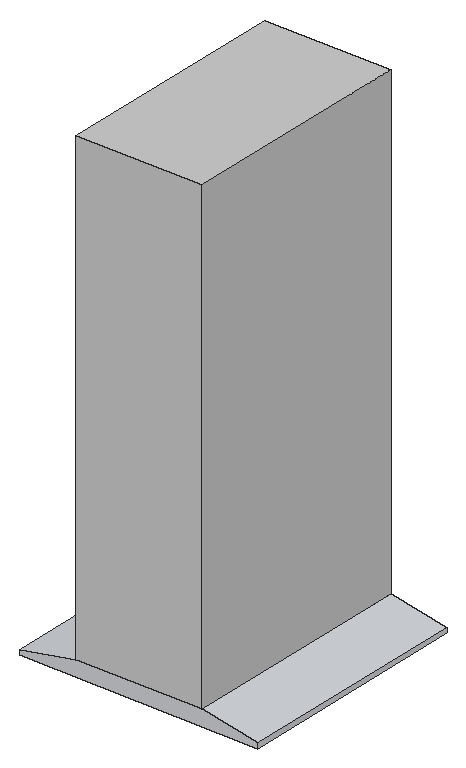
Revit family "DSCABBSH", category Plumbing Fixtures, Revit 2019
Family settings
  Round Connector Dimension = Use Diameter
  Part Type = Normal
  OmniClass Number = 23.45.00.00
  OmniClass Title = Sanitary, Laundry, and Cleaning Equipment
  Work Plane-Based = No
  Always vertical = Yes
  Cut with Voids When Loaded = No
  Shared = No
  Room Calculation Point = No
Parameters
  Model = "DSCABBSH"
  Manufacturer = "ELKAY"
  Description = "Dispenser Cabinet"
  BODY = Metal - Stainless Steel
Reference planes (in)
  plane 1 "Center (Front/Back)": y = 0
  plane 2: z = 0
  plane 3 "Center (Left/Right)": x = 0
Forms (in)
  Extrusion 1, solid, material "Metal - Stainless Steel" <- "BODY"
    sketch origin (0, 0, 0) x (1, 0, 0) y (0, 1, 0)
      loop
        line (-5.13, 15.51574) -> (-5.13, -3.85926) -> (5.13, -3.85926) -> (5.13, 15.51574) -> (-5.13, 15.51574)
    from 1.25 to 39.75
  Extrusion 2, solid
    sketch origin (-7.0785, -4.50526, 0) x (1, 0, 0) y (0, 0, 1)
      loop
        line (-2.6715, 0) -> (16.8285, 0) -> (16.8285, 0.375) -> (12.2085, 1.25) -> (1.9485, 1.25) -> (-2.6715, 0.375) -> (-2.6715, 0)
    from -20.021 to -0.646
Lines and regions (in)
  reference lines
    curve 1: line (0, 16.08074, 0) -> (0, -17.41926, 0)
    curve 2: line (0, 16.08074, 0.53) -> (0, -17.41926, 0.53)
    curve 3: line (-13.75, 0, 17.43) -> (14.25, 0, 17.43)
    curve 4: line (-2.3485, 0, 15.73) -> (-2.3485, 0, 23.98)
    curve 5: line (2.3715, 0, 15.23) -> (2.3715, 0, 23.98)
    curve 6: line (0, -2.91926, 19.23) -> (0, -2.91926, 21.73)
    curve 7: line (0, 16.08074, 19.76) -> (0, -17.41926, 19.76)
  model lines
    curve 8: line (5.13, -2.85926, 38.75) -> (5.13, -2.85926, 0.53)
    curve 9: line (-5.13, 15.51574, 38.75) -> (-5.13, -3.85926, 38.75)
    curve 10: line (5.13, 15.51574, 38.75) -> (5.13, -3.85926, 38.75)
    curve 11: line (-5.13, -2.85926, 38.75) -> (-5.13, -2.85926, 0.53)
    curve 12: line (-5.13, -3.85926, 38.75) -> (5.13, -3.85926, 38.75)
